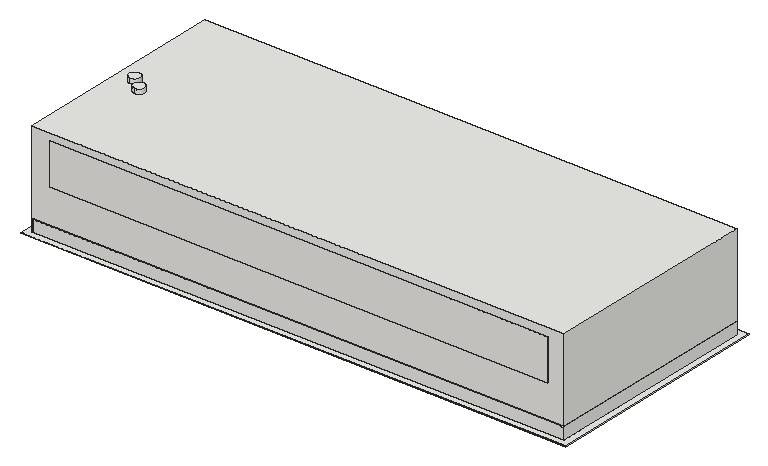
Revit family "191128_02_AIRTECNICS_AIR CURTAIN_RECESSED WINDBOX BB_WATER HEATED (P)", category Mechanical Equipment, Revit 2016
Family settings
  Part Type = Normal
  Round Connector Dimension = Use Diameter
  OmniClass Number = 23.75.70.21.17
  OmniClass Title = Air Curtains
  Work Plane-Based = No
  Always vertical = Yes
  Cut with Voids When Loaded = No
  Shared = No
  Room Calculation Point = No
Parameters (values of type "WINDBOX RBB 2000 P")
  · PIPES POSITION · [instance] = "-/ Select Pipes Position /-"  # constant formula
  · OTHERS · [instance] = "-/ Select Supports - Inst.Maint. Space /-"  # constant formula
  · HEATING · [instance] = "-/ Select Heating /-"  # constant formula
  Weight [instance] = size_lookup(Name_Lookup_Data, "Weight", 1.00 kg, CT, CH)  # 117.00 kg
  Water Pipes_P4 [instance] = no
  Water Pipes_P3 [instance] = no
  Water Pipes_P2 (Std) [instance] = if(CW = 0, 1 = 1, 1 = 0)  # yes
  Water Pipes_P1 [instance] = no
  Water Flow Connector [instance] = size_lookup(Name_Lookup_Data, "Water Flow_connector", 3.6 m³/h, CT, CH)  # 1.6 m³/h
  Water Drop Pressure [instance] = size_lookup(Name_Lookup_Data, "Water Drop Pressure", 1.0 Pa, CT, CH)  # 12680.0 Pa
  Water Coil Volume [instance] = size_lookup(Name_Lookup_Data, "Water Coil Volume", 1.0 L, CT, CH)  # 2.6 L
  Water Coil Rows [instance] = if(CH = 2, 4, if(CH = 4, 3, if(CH = 0, 2, 0)))  # 2
  Voltage [instance] = 230 V  # constant formula
  URL_Manufacturer = "https://www.airtecnics.com"
  URL_Datasheet = "https://www.airtecnics.com/download/file/5184/recessed-windbox-bb.pdf"
  Supports Length [instance] = 500.0 mm
  Supports (Horizontal) [instance] = no
  Revit Version = "Revit 2016 - English"  # constant formula
  Review Date = "11/19"  # constant formula
  Remote Control = "-"  # constant formula
  Product Size = if(CT = 2, "1000", if(CT = 4, "1500", if(CT = 8, "2000", if(CT = 16, "2500", if(CT = 32, "3000", "Consult Manufacturer")))))  # "2000"
  Product Reference [instance] = size_lookup(Name_Lookup_Ref, "", "Consult Manufacturer", CT, CH)  # "RBB 2000 P86"
  Product Heating [instance] = if(CH = 2, "P54 - 50/40ºC - 4 ROWS", if(CH = 4, "P64 - 60/40ºC - 3 ROWS", if(CH = 0, "P86 - 80/60ºC - 2 ROWS", "Consult Manufacturer")))  # "P86 - 80/60ºC - 2 ROWS"
  Product Description [instance] = size_lookup(Name_Lookup_Data, "", "Consult Manufacturer", CT, CH)  # "Self-supporting casing construction made of galvanized steel plate, ready to be installed recessed in a false ceiling. \r\nInlet grille (free of maintenance) made with aluminium profiles and blow-out nozzle, integrated in a single white frame colour RAL 9016. Other colours are available on request. \r\nAnodized aluminium outlet vanes, airfoil shaped, adjustable in both directions.\r\nEC Double-inlet centrifugal fans driven by an external rotor motor and low noise level, with very low consumption efficency fans.\r\n“P” type with water heated coil. \r\nIncludes Clever control (programmable, automatic, intelligent, energy saving, Modbus RTU for BMS…)\r\nAir Volume: 7500 m3/h \r\nFans:  1,746 kW  7,74 A 230Vx1 50/60Hz\r\nHeating power: 38,44 kW (80/60ºC)\r\nDimensions: 860x360x2050 mm (depth, height, length)"
  Power Fans Factor [instance] = size_lookup(Name_Lookup_Data, "Power Fans Factor", 1, CT, CH)  # 0.98
  Power Fans [instance] = size_lookup(Name_Lookup_Data, "Power Fans", 1 kW, CT, CH)  # 1.746 kW
  P86 - 80/60ºC - 2 ROWS [instance] = if(CH = 0, 1 = 1, 1 = 0)  # yes
  P64 - 60/40ºC - 3 ROWS [instance] = no
  P54 - 50/40ºC - 4 ROWS [instance] = no
  P = 1 = 1  # yes
  Noise Level (dB(A)) [instance] = size_lookup(Name_Lookup_Data, "Noise Level (dB(A))", 1, CT, CH)  # 67
  Name_Lookup_Ref = "R_WINDBOX BB_(P)_Ref_Lookup"  # constant formula
  Name_Lookup_Data = "R_WINDBOX BB_(P)_Data_Lookup"  # constant formula
  Material Inlet Grille [instance] = AIRTECNICS_White RAL 9016
  Material Curtain [instance] = AIRTECNICS_White RAL 9016
  Mainfolds [instance] = if(and(CH = 2, or(CW = 0, CW = 4), or(CT = 16, CT = 32)), "2x 1 1/4'' F", if(and(CH = 2, or(CW = 2, CW = 8), or(CT = 16, CT = 32)), "2x 1 1/4'' M", if(or(CW = 2, CW = 8), "2x 1'' M", "2x 1'' F")))  # "2x 1'' F"
  Length = if(CT = 2, 1050.0 mm, if(CT = 4, 1550.0 mm, if(CT = 8, 2050.0 mm, if(CT = 16, 2550.0 mm, L + 50.0 mm))))  # 2050.0 mm
  IfcExportType = "WATERHEATINGCOIL"  # constant formula
  IfcExportAs = "IfcCoilType"  # constant formula
  Height = 360.0 mm  # constant formula
  Heating Capacity [instance] = size_lookup(Name_Lookup_Data, "Heating Capacity", 1 kW, CT, CH)  # 35.04 kW
  Frequency = 50 Hz  # constant formula
  Fans Stage = 5  # constant formula
  Family Version = "2.0"  # constant formula
  Depth = 860.0 mm  # constant formula
  D_Pipping_Connector [instance] = if(and(CH = 2, or(CT = 16, CT = 32)), 32 mm, 25 mm)  # 25 mm
  Current Fans [instance] = size_lookup(Name_Lookup_Data, "Current Fans", 1 A, CT, CH)  # 7.74 A
  Created by = "BIMETRICAL"  # constant formula
  Control [instance] = "Clever Kit"  # constant formula
  Cable = "-"  # constant formula
  URL = "https://www.airtecnics.com/products/air-curtain-recessed-windbox-bb"
  Model = "Air curtain Recessed Windbox BB P"  # constant formula
  L = 2000.0 mm
  Type Image = <None>
  Manufacturer = "AIRTECNICS"  # constant formula
  Description = ""
  Type Comments = "Self-supporting casing construction made of galvanized steel plate, ready to be installed recessed in a false ceiling. \r\nInlet grille (free of maintenance) made with aluminium profiles and blow-out nozzle, integrated in a single white frame colour RAL 9016. Other colours are available on request. \r\nAnodized aluminium outlet vanes, airfoil shaped, adjustable in both directions.\r\nEC Double-inlet centrifugal fans driven by an external rotor motor and low noise level, with very low consumption efficency fans.\r\n“P” type with water heated coil. “E” type with electrical shielded elements, three stages with integrated regulation. “A” type without heating, air only. Optional expansion DX coil.\r\nIncludes Clever control (programmable, automatic, intelligent, energy saving, Modbus RTU for BMS…)"  # constant formula
  CW [instance] = if(Water Pipes_P1, 2, 0) + if(Water Pipes_P3, 4, 0) + if(Water Pipes_P4, 8, 0)  # 0
  CT = if(L = 1000.0 mm, 2, 0) + if(L = 1500.0 mm, 4, 0) + if(L = 2000.0 mm, 8, 0) + if(L = 2500.0 mm, 16, 0) + if(L = 3000.0 mm, 32, 0)  # 8
  CH [instance] = if([P54 - 50/40ºC - 4 ROWS], 2, 0) + if([P64 - 60/40ºC - 3 ROWS], 4, 0)  # 0
  BIMETRICAL Category = "Coil"  # constant formula
  BIMETRICAL = "http://www.bimetrical.com/"  # constant formula
  Aspiration/Maintenance Space [instance] = no
  Apparent Load [instance] = size_lookup(Name_Lookup_Data, "Apparent Load", 1 VA, CT, CH)  # 1782 VA
  Airflow [instance] = size_lookup(Name_Lookup_Data, "Airflow", 1 m³/h, CT, CH)  # 7500 m³/h
Reference planes
  plane 1 "Centro (Frontal/Posterior)": z = 0
  plane 2: y = 246.57
  plane 3 "Centro (Izquierda/Derecha)": x = 0
Dimensions and locks
  aligned and locked: nested 1 to plane 1 "Centro (Frontal/Posterior)"
Nested families
  nested 1: "GEOM_RECESSED WINDBOX BB (P)" at (0, 175, 48), Material Inlet Grille <- "Material Inlet Grille", L <- "L", Aspiration/Maintenance Space <- "Aspiration/Maintenance Space", Support Length <- "Supports Length", CW <- "CW", ViHS <- "Supports (Horizontal)", CH <- "CH", Material Curtain <- "Material Curtain", CT <- "CT", type "Air curtain Recessed Windbox BB (P)"
    with ViHSC no, ViHS no, Vi2 no, Vi1 yes, TI 9, Support Length 500.0 mm, Position Water pipes OUT connection "--------------------------------", Position Water pipes IN connection "--------------------------------", Material Inlet Grille AIRTECNICS_White RAL 9016, Material Curtain AIRTECNICS_White RAL 9016, LiS 810.0 mm, Li9 114.0 mm, Li8 0.0 mm, Li7 50.0 mm, Li6 810.0 mm, Li17 64.5 mm, Li16 10.0 mm, Li15 10.0 mm, Li14 310.0 mm, Li13 66.0 mm, Li12 0.0 mm, Li11 89.0 mm, Li10 310.0 mm, L 2000.0 mm, D_Pipping 42.0 mm, CW 0, CT 8, CH 0, Aspiration/Maintenance Space no, AnWCO 90.00°, AnWCI 90.00°
Connectors
  piping at (-934, 240.57, 373), diameter 25, driven by "D_Pipping_Connector", driven by "Water Flow Connector", driven by "Water Drop Pressure"
    settings: on nested 1, index 1, connector inside diameter 609.6 mm, connector length 0.0 mm, flow factor 0, pipe flow 1.6 m³/h, pressure drop 12680.0 Pa, fitting loss kfactor 0, connector angle 0.00°, fixture units 0, engagement length 0.0 mm, angle of deflection 0.00°, flow configuration 1, flow direction 1, fitting loss method 4, system type 7, joint type 0, gender type 0, connector reference index -1, connector utility 0, adjustable connector no, is connector primary yes, connector description "Hydronic Supply In"
  piping at (-886, 201.57, 373), diameter 25, driven by "D_Pipping_Connector", driven by "Water Flow Connector"
    settings: on nested 1, index 2, connector inside diameter 609.6 mm, connector length 0.0 mm, flow factor 0, pipe flow 1.6 m³/h, pressure drop 0.0 Pa, fitting loss kfactor 0, connector angle 0.00°, fixture units 0, engagement length 0.0 mm, angle of deflection 0.00°, flow configuration 1, flow direction 2, fitting loss method 0, system type 8, joint type 0, gender type 0, connector reference index -1, connector utility 0, adjustable connector no, is connector primary no, connector description "Hydronic Return Out"
  electrical at (859, 555.57, 358), driven by "Voltage", driven by "Apparent Load", driven by "Power Fans Factor"
    settings: on nested 1, index 3, voltage 230 V, apparent load 1782 VA, apparent load phase1 0 VA, apparent load phase2 0 VA, apparent load phase3 0 VA, power factor 0.98, load classification "HVAC", number of poles 1, system type 30, power factor state 1, is connector primary yes, connector utility no, sub classification motor no, connector description ""
Definition of nested family "GEOM_RECESSED WINDBOX BB (P)"
  Parameters (values of type "Air curtain Recessed Windbox BB (P)")
    ViHSC [instance] = if(and(ViHS, L > 1000.0 mm), 1 = 1, 1 = 0)  # no
    Vi2 [instance] = if(L = 2500.0 mm, 1 = 1, 1 = 0)  # yes
    Vi1 [instance] = not(Vi2)  # no
    TI [instance] = if(L = 1000.0 mm, 5, if(L = 1500.0 mm, 7, if(L = 2000.0 mm, 9, if(L = 2500.0 mm, 11, L / 200.0 mm))))  # 11
    Name_Lookup_WaterCoils = "R_WINDBOX BB_(P)_WaterCoil_Lookup"  # constant formula
    Material Outlet Grille = none
    Material II = none
    Material I = none
    Material Inlet Grille [instance] = none
    Material = none
    Li17 [instance] = if(or(CT = 2, CT = 16), 59.5 mm, if(or(CT = 4, CT = 32), 62.0 mm, 64.5 mm))  # 59.5 mm
    Li16 [instance] = if(CW = 2, 100.0 mm, 10.0 mm)  # 10.0 mm
    Li15 [instance] = if(CW = 8, 100.0 mm, 10.0 mm)  # 10.0 mm
    Li14 [instance] = size_lookup(Name_Lookup_WaterCoils, "Li14", 310.0 mm, CW)  # 310.0 mm
    Li13 [instance] = if(CW = 4, L - 114.0 mm, if(CW = 2, 1.0 mm, if(CW = 8, L - 1.0 mm, 66.0 mm)))  # 66.0 mm
    Li12 [instance] = size_lookup(Name_Lookup_WaterCoils, "Li12", 0.0 mm, CW)  # 0.0 mm
    Li11 [instance] = size_lookup(Name_Lookup_WaterCoils, "Li11", 89.0 mm, CW)  # 89.0 mm
    D_Pipping [instance] = if(and(CH = 4, or(CT = 16, CT = 32)), 48.0 mm, 42.0 mm)  # 42.0 mm
    CW [instance] = 0
    CT [instance] = 16
    CH [instance] = 0
    AnWCO [instance] = size_lookup(Name_Lookup_WaterCoils, "AnWCO", 90.00°, CW)  # 90.00°
    Position Water pipes IN connection [instance] = "--------------------------------"  # constant formula
    Position Water pipes OUT connection [instance] = "--------------------------------"  # constant formula
    ViHS [instance] = no
    Support Length [instance] = 500.0 mm
    AnWCI [instance] = size_lookup(Name_Lookup_WaterCoils, "AnWCI", 90.00°, CW)  # 90.00°
    LiS [instance] = Support Length + 310.0 mm  # 810.0 mm
    Revit Version = "Revit 2016 - English"  # constant formula
    Review Date = "11/19"  # constant formula
    Material Curtain [instance] = none
    Li9 [instance] = if(CW = 4, L - 66.0 mm, if(CW = 2, 1.0 mm, if(CW = 8, L - 1.0 mm, 114.0 mm)))  # 114.0 mm
    Li7 [instance] = size_lookup(Name_Lookup_WaterCoils, "Li7", 50.0 mm, CW)  # 50.0 mm
    Li6 [instance] = Depth  # 810.0 mm
    Li8 [instance] = size_lookup(Name_Lookup_WaterCoils, "Li8", 0.0 mm, CW)  # 0.0 mm
    Li10 [instance] = size_lookup(Name_Lookup_WaterCoils, "Li10", 310.0 mm, CW)  # 310.0 mm
    Family Version = "1.0"  # constant formula
    Depth = 810.0 mm  # constant formula
    Default Elevation = 1219.2 mm
    Created by = "BIMETRICAL"  # constant formula
    URL = "https://www.airtecnics.com/products/air-curtain-recessed-windbox-bb"
    Model = "Air curtain Recessed Windbox BB"  # constant formula
    L [instance] = 2500.0 mm
    Type Image = (empty or 0)
    Manufacturer = "AIRTECNICS"  # constant formula
    Description = "AIRTECNICS_Air curtain Recessed Windbox BB"  # constant formula
    Type Comments = ""
    BIMETRICAL Category = "Fan"  # constant formula
    BIMETRICAL = "http://www.bimetrical.com/"  # constant formula
    Aspiration/Maintenance Space [instance] = no
  Reference planes
    plane 1 "Centro (Frontal/Posterior)": z = 0
    plane 2: y = 226.57
    plane 3 "Centro (Izquierda/Derecha)": x = 0
    plane 4: z = 310
    plane 5: y = 476.57
    plane 6: y = -23.43
    plane 7: x = -1250
    plane 8: x = 1250
    plane 9: x = -1210
    plane 10: x = 1210
    plane 11: y = 442.57
    plane 12: y = 105.57
    plane 13: y = -313.43
    plane 14: x = -1136
    plane 15 "P1-01": y = 26.57
    plane 16 "P1-02": z = 0
    plane 17 "P2-01": x = -1184
    plane 18 "P2-02": z = 0
    plane 19 "P2-03": y = 65.57
    plane 20: y = -333.43
    plane 21: y = 501.57
    plane 22: x = 1275
    plane 23: y = -358.43
    plane 24: z = -48
    plane 25: z = -50
    plane 26: x = 1248
    plane 27: x = -1248
    plane 28: x = -418.5
    plane 29: x = 418.5
    plane 30: x = -1203.5
    plane 31: x = 1203.5
    plane 32: x = -962.8
    plane 33: x = -722.1
    plane 34: x = -481.4
    plane 35: z = -250
    plane 36: y = -331.454
    plane 37: y = -49.53
    plane 38: x = 1335
    plane 39: x = -1425
    plane 40: x = -240.7
    plane 41: x = 0
    plane 42: x = 240.7
    plane 43: x = 481.4
    plane 44: x = 722.1
    plane 45: x = 962.8
    plane 46: x = -1190.5
    plane 47: x = 1190.5
  Forms (mm)
    Extrusion 1, solid, material <- "Material Inlet Grille"
      sketch origin (0, 0, -50) x (1, 0, 0) y (0, 1, 0)
        loop
          line (-1250, 476.57) -> (-1250, -333.43) -> (1250, -333.43) -> (1250, 476.57) -> (-1250, 476.57)
      from 0 to 50
    Extrusion 2, void, detail levels medium+fine
      sketch origin (0, 0, -50) x (1, 0, 0) y (0, 1, 0)
        loop
          line (-1249, 474.57) -> (-1249, 387.47) -> (1249, 387.47) -> (1249, 474.57) -> (-1249, 474.57)
      from 0 to 46
    Extrusion 3, solid, material <- "Material Curtain", not visible
      sketch origin (559.734, 0, 50) x (1, 0, 0) y (0, 1, 0)
        loop
          line (613.266, 405.57) -> (485.266, 405.57) -> (485.266, 355.57) -> (613.266, 355.57) -> (613.266, 405.57)
      from 260 to 259
    Extrusion 4, solid, visible <- "ViHS"
      sketch origin (0, 0, 0) x (1, 0, 0) y (0, 1, 0)
        loop
          circle (-1210, 442.57) r 3.375
      from 310 to 810 <- "LiS"
    Extrusion 5, solid, visible <- "ViHSC"
      sketch origin (1185, 0, 0) x (1, 0, 0) y (0, 1, 0)
        loop
          circle (-1185, 442.57) r 3.375
      from 310 to 810 <- "LiS"
    Extrusion 6, solid, visible <- "ViHS"
      sketch origin (2385, 0, 0) x (1, 0, 0) y (0, 1, 0)
        loop
          circle (-1175, 442.57) r 3.375
      from 310 to 810 <- "LiS"
    Extrusion 7, solid, visible <- "ViHSC"
      sketch origin (1185, -240, 0) x (1, 0, 0) y (0, 1, 0)
        loop
          circle (-1185, 345.57) r 3.375
      from 310 to 810 <- "LiS"
    Extrusion 8, solid, visible <- "ViHS"
      sketch origin (2344.293, -280.483, 0) x (1, 0, 0) y (0, 1, 0)
        loop
          circle (-1134.293, 386.053) r 3.375
      from 310 to 810 <- "LiS"
    Extrusion 9, solid, visible <- "ViHS"
      sketch origin (9.293, -280.483, 0) x (1, 0, 0) y (0, 1, 0)
        loop
          circle (-1219.293, 386.053) r 3.375
      from 310 to 810 <- "LiS"
    Extrusion 10, solid, visible <- "Aspiration/Maintenance Space"
      sketch origin (0, 0, -50) x (1, 0, 0) y (0, 1, 0)
        loop
          line (-1250, 476.57) -> (-1250, -333.43) -> (1250, -333.43) -> (1250, 476.57) -> (-1250, 476.57)
      from 360 to 460
    Extrusion 11, solid, visible <- "Aspiration/Maintenance Space"
      sketch origin (230, 226.57, 5) x (1, 0, 0) y (0, 0, 1)
        loop
          line (1020, 305) -> (1020, -53) -> (1030, -53) -> (1030, 305) -> (1020, 305)
      from -250 to 560
    Extrusion 12, solid, visible <- "Aspiration/Maintenance Space"
      sketch origin (-2520, 226.57, 5) x (1, 0, 0) y (0, 0, 1)
        loop
          line (1260, 305) -> (1260, -53) -> (1270, -53) -> (1270, 305) -> (1260, 305)
      from -250 to 560
    Extrusion 13, solid, visible <- "ViHSC"
      sketch origin (1185, -609, 0) x (1, 0, 0) y (0, 1, 0)
        loop
          circle (-1185, 295.57) r 3.375
      from 310 to 810 <- "LiS"
    Extrusion 14, solid, visible <- "ViHS"
      sketch origin (2344.293, -649.483, 0) x (1, 0, 0) y (0, 1, 0)
        loop
          circle (-1134.293, 336.053) r 3.375
      from 310 to 810 <- "LiS"
    Extrusion 15, solid, visible <- "ViHS"
      sketch origin (9.293, -649.483, 0) x (1, 0, 0) y (0, 1, 0)
        loop
          circle (-1219.293, 336.053) r 3.375
      from 310 to 810 <- "LiS"
    Extrusion 16, solid, material <- "Material Curtain"
      sketch origin (-1184, 101.57, 310) x (0, -1, 0) y (1, 0, 0)
        loop
          circle (36, 0) r 21
      from 0 to 15
    Extrusion 17, solid, material <- "Material Curtain"
      sketch origin (-1136, 68.57, 310) x (0, -1, 0) y (1, 0, 0)
        loop
          circle (42, 0) r 21
      from 0 to 15
    Extrusion 18, solid, material <- "Material Inlet Grille"
      sketch origin (-54.078, -166.435, -50) x (1, 0, 0) y (0, 1, 0)
        loop
          line (-1220.922, -191.996) -> (1329.078, -191.996) -> (1329.078, 668.004) -> (-1220.922, 668.004) -> (-1220.922, -191.996)
        loop
          line (-1195.922, -166.996) -> (1304.078, -166.996) -> (1304.078, 643.004) -> (-1195.922, 643.004) -> (-1195.922, -166.996)
      from 0 to 2
    Sweep 19, void
      path origin (0, 0, -50) x (1, 0, 0) y (0, 1, 0)
        loop
          line (-1250, 476.57) -> (-1250, -333.43) -> (1250, -333.43) -> (1250, 476.57) -> (-1250, 476.57)
      profile origin (0, 476.57, -50) x (0, 1, 0) y (0, 0, 1)
        loop
          line (0, 46) -> (0, 50) -> (-4, 50)
          arc (-4, 50) -> (-1.172, 48.828) -> (0, 46) r 4
    Extrusion 20, solid, material <- "Material Outlet Grille"
      sketch origin (0, 0, 0) x (0, 1, 0) y (0, 0, 1)
        loop
          line (452.413, -27.506) -> (455.591, -46.036)
          arc (455.591, -46.036) -> (457.07, -47.282) -> (458.548, -46.036) r 1.5
          line (458.548, -46.036) -> (461.726, -27.506)
          arc (461.726, -27.506) -> (457.07, -21.982) -> (452.413, -27.506) r 4.725
        loop
          arc (429.342, -46.036) -> (430.82, -47.282) -> (432.299, -46.036) r 1.5
          line (432.299, -46.036) -> (435.477, -27.506)
          arc (435.477, -27.506) -> (430.82, -21.982) -> (426.163, -27.506) r 4.725
          line (426.163, -27.506) -> (429.342, -46.036)
        loop
          arc (409.976, -27.506) -> (405.319, -21.982) -> (400.662, -27.506) r 4.725
          line (400.662, -27.506) -> (403.84, -46.036)
          arc (403.84, -46.036) -> (405.319, -47.282) -> (406.797, -46.036) r 1.5
          line (406.797, -46.036) -> (409.976, -27.506)
      from -1248 to 1248
    Extrusion 21, void, detail levels medium+fine
      sketch origin (0, -484.3, -50) x (1, 0, 0) y (0, 1, 0)
        loop
          line (-1249, 434.77) -> (-1249, 152.846) -> (1249, 152.846) -> (1249, 434.77) -> (-1249, 434.77)
      from 0 to 46
    Extrusion 22, solid, material <- "Material Curtain"
      sketch origin (0, 0, -50) x (1, 0, 0) y (0, 1, 0)
        loop
          line (-1250, 476.57) -> (-1250, -333.43) -> (1250, -333.43) -> (1250, 476.57) -> (-1250, 476.57)
      from 50 to 360
    Extrusion 23, solid, material <- "Material II", visible <- "Vi1"
      sketch origin (0, 0, 0) x (0, 1, 0) y (0, 0, 1)
        loop
          line (474.57, -4) -> (400.57, -4) -> (400.57, -47.504) -> (474.57, -47.504) -> (474.57, -4)
      from -7.5 to 7.5
    Extrusion 24, solid, material <- "Material I"
      sketch origin (1191.816, 0, 0) x (0, 1, 0) y (0, 0, 1)
        loop
          arc (402.126, -44.927) -> (403.13, -46.77) -> (405.096, -47.504) r 3
          line (405.096, -47.504) -> (431.043, -47.504)
          arc (431.043, -47.504) -> (433.022, -46.759) -> (434.017, -44.893) r 3
          line (434.017, -44.893) -> (437.046, -21.725)
          arc (437.046, -21.725) -> (436.086, -18.568) -> (433.08, -17.207) r 4
          line (433.08, -17.207) -> (403.059, -17.207)
          arc (403.059, -17.207) -> (400.04, -18.583) -> (399.098, -21.764) r 4
          line (399.098, -21.764) -> (402.126, -44.927)
      from 53.181 to 56.184
    Extrusion 25, solid, material <- "Material I", visible <- "Vi1"
      sketch origin (-45.681, 0, 0) x (0, 1, 0) y (0, 0, 1)
        loop
          arc (402.126, -44.927) -> (403.13, -46.77) -> (405.096, -47.504) r 3
          line (405.096, -47.504) -> (431.043, -47.504)
          arc (431.043, -47.504) -> (433.022, -46.759) -> (434.017, -44.893) r 3
          line (434.017, -44.893) -> (437.046, -21.725)
          arc (437.046, -21.725) -> (436.086, -18.568) -> (433.08, -17.207) r 4
          line (433.08, -17.207) -> (403.059, -17.207)
          arc (403.059, -17.207) -> (400.04, -18.583) -> (399.098, -21.764) r 4
          line (399.098, -21.764) -> (402.126, -44.927)
      from 53.181 to 56.184
    Extrusion 26, solid, material <- "Material I", visible <- "Vi1"
      sketch origin (-63.684, 0, 0) x (0, 1, 0) y (0, 0, 1)
        loop
          arc (402.126, -44.927) -> (403.13, -46.77) -> (405.096, -47.504) r 3
          line (405.096, -47.504) -> (431.043, -47.504)
          arc (431.043, -47.504) -> (433.022, -46.759) -> (434.017, -44.893) r 3
          line (434.017, -44.893) -> (437.046, -21.725)
          arc (437.046, -21.725) -> (436.086, -18.568) -> (433.08, -17.207) r 4
          line (433.08, -17.207) -> (403.059, -17.207)
          arc (403.059, -17.207) -> (400.04, -18.583) -> (399.098, -21.764) r 4
          line (399.098, -21.764) -> (402.126, -44.927)
      from 53.181 to 56.184
    Extrusion 27, solid, material <- "Material II", visible <- "Vi2", not visible
      sketch origin (0, 0, 0) x (0, 1, 0) y (0, 0, 1)
        loop
          line (474.57, -4) -> (400.57, -4) -> (400.57, -47.504) -> (474.57, -47.504) -> (474.57, -4)
      from -7.5 to 7.5
    Extrusion 28, solid, material <- "Material I", visible <- "Vi2", not visible
      sketch origin (-45.681, 0, 0) x (0, 1, 0) y (0, 0, 1)
        loop
          arc (402.126, -44.927) -> (403.13, -46.77) -> (405.096, -47.504) r 3
          line (405.096, -47.504) -> (431.043, -47.504)
          arc (431.043, -47.504) -> (433.022, -46.759) -> (434.017, -44.893) r 3
          line (434.017, -44.893) -> (437.046, -21.725)
          arc (437.046, -21.725) -> (436.086, -18.568) -> (433.08, -17.207) r 4
          line (433.08, -17.207) -> (403.059, -17.207)
          arc (403.059, -17.207) -> (400.04, -18.583) -> (399.098, -21.764) r 4
          line (399.098, -21.764) -> (402.126, -44.927)
      from 53.181 to 56.184
    Extrusion 29, solid, material <- "Material I", visible <- "Vi2", not visible
      sketch origin (-63.684, 0, 0) x (0, 1, 0) y (0, 0, 1)
        loop
          arc (402.126, -44.927) -> (403.13, -46.77) -> (405.096, -47.504) r 3
          line (405.096, -47.504) -> (431.043, -47.504)
          arc (431.043, -47.504) -> (433.022, -46.759) -> (434.017, -44.893) r 3
          line (434.017, -44.893) -> (437.046, -21.725)
          arc (437.046, -21.725) -> (436.086, -18.568) -> (433.08, -17.207) r 4
          line (433.08, -17.207) -> (403.059, -17.207)
          arc (403.059, -17.207) -> (400.04, -18.583) -> (399.098, -21.764) r 4
          line (399.098, -21.764) -> (402.126, -44.927)
      from 53.181 to 56.184
    Extrusion 30, solid, material <- "Material II", visible <- "Vi2"
      sketch origin (418.5, 0, 0) x (0, 1, 0) y (0, 0, 1)
        loop
          line (474.57, -4) -> (400.57, -4) -> (400.57, -47.504) -> (474.57, -47.504) -> (474.57, -4)
      from -7.5 to 7.5
    Extrusion 31, solid, material <- "Material I", visible <- "Vi2"
      sketch origin (372.819, 0, 0) x (0, 1, 0) y (0, 0, 1)
        loop
          arc (402.126, -44.927) -> (403.13, -46.77) -> (405.096, -47.504) r 3
          line (405.096, -47.504) -> (431.043, -47.504)
          arc (431.043, -47.504) -> (433.022, -46.759) -> (434.017, -44.893) r 3
          line (434.017, -44.893) -> (437.046, -21.725)
          arc (437.046, -21.725) -> (436.086, -18.568) -> (433.08, -17.207) r 4
          line (433.08, -17.207) -> (403.059, -17.207)
          arc (403.059, -17.207) -> (400.04, -18.583) -> (399.098, -21.764) r 4
          line (399.098, -21.764) -> (402.126, -44.927)
      from 53.181 to 56.184
    Extrusion 32, solid, material <- "Material I", visible <- "Vi2"
      sketch origin (354.816, 0, 0) x (0, 1, 0) y (0, 0, 1)
        loop
          arc (402.126, -44.927) -> (403.13, -46.77) -> (405.096, -47.504) r 3
          line (405.096, -47.504) -> (431.043, -47.504)
          arc (431.043, -47.504) -> (433.022, -46.759) -> (434.017, -44.893) r 3
          line (434.017, -44.893) -> (437.046, -21.725)
          arc (437.046, -21.725) -> (436.086, -18.568) -> (433.08, -17.207) r 4
          line (433.08, -17.207) -> (403.059, -17.207)
          arc (403.059, -17.207) -> (400.04, -18.583) -> (399.098, -21.764) r 4
          line (399.098, -21.764) -> (402.126, -44.927)
      from 53.181 to 56.184
    Extrusion 33, solid, visible <- "Vi1", not visible
      sketch origin (1185, 0, 0) x (1, 0, 0) y (0, 1, 0)
        loop
          circle (-1185, 442.57) r 3.375
      from 260 to 810 <- "LiS"
    Extrusion 34, solid, material <- "Material II", visible <- "Vi1", not visible
      sketch origin (0, 0, 0) x (0, 1, 0) y (0, 0, 1)
        loop
          line (474.57, -4) -> (400.57, -4) -> (400.57, -47.504) -> (474.57, -47.504) -> (474.57, -4)
      from -7.5 to 7.5
    Extrusion 35, solid, material <- "Material I", visible <- "Vi1", not visible
      sketch origin (-45.681, 0, 0) x (0, 1, 0) y (0, 0, 1)
        loop
          arc (402.126, -44.927) -> (403.13, -46.77) -> (405.096, -47.504) r 3
          line (405.096, -47.504) -> (431.043, -47.504)
          arc (431.043, -47.504) -> (433.022, -46.759) -> (434.017, -44.893) r 3
          line (434.017, -44.893) -> (437.046, -21.725)
          arc (437.046, -21.725) -> (436.086, -18.568) -> (433.08, -17.207) r 4
          line (433.08, -17.207) -> (403.059, -17.207)
          arc (403.059, -17.207) -> (400.04, -18.583) -> (399.098, -21.764) r 4
          line (399.098, -21.764) -> (402.126, -44.927)
      from 53.181 to 56.184
    Extrusion 36, solid, material <- "Material I", visible <- "Vi1", not visible
      sketch origin (-63.684, 0, 0) x (0, 1, 0) y (0, 0, 1)
        loop
          arc (402.126, -44.927) -> (403.13, -46.77) -> (405.096, -47.504) r 3
          line (405.096, -47.504) -> (431.043, -47.504)
          arc (431.043, -47.504) -> (433.022, -46.759) -> (434.017, -44.893) r 3
          line (434.017, -44.893) -> (437.046, -21.725)
          arc (437.046, -21.725) -> (436.086, -18.568) -> (433.08, -17.207) r 4
          line (433.08, -17.207) -> (403.059, -17.207)
          arc (403.059, -17.207) -> (400.04, -18.583) -> (399.098, -21.764) r 4
          line (399.098, -21.764) -> (402.126, -44.927)
      from 53.181 to 56.184
    Extrusion 37, solid, material <- "Material II", visible <- "Vi2"
      sketch origin (-418.5, 0, 0) x (0, 1, 0) y (0, 0, 1)
        loop
          line (474.57, -4) -> (400.57, -4) -> (400.57, -47.504) -> (474.57, -47.504) -> (474.57, -4)
      from -7.5 to 7.5
    Extrusion 38, solid, material <- "Material I", visible <- "Vi2"
      sketch origin (-464.181, 0, 0) x (0, 1, 0) y (0, 0, 1)
        loop
          arc (402.126, -44.927) -> (403.13, -46.77) -> (405.096, -47.504) r 3
          line (405.096, -47.504) -> (431.043, -47.504)
          arc (431.043, -47.504) -> (433.022, -46.759) -> (434.017, -44.893) r 3
          line (434.017, -44.893) -> (437.046, -21.725)
          arc (437.046, -21.725) -> (436.086, -18.568) -> (433.08, -17.207) r 4
          line (433.08, -17.207) -> (403.059, -17.207)
          arc (403.059, -17.207) -> (400.04, -18.583) -> (399.098, -21.764) r 4
          line (399.098, -21.764) -> (402.126, -44.927)
      from 53.181 to 56.184
    Extrusion 39, solid, material <- "Material I", visible <- "Vi2"
      sketch origin (-482.184, 0, 0) x (0, 1, 0) y (0, 0, 1)
        loop
          arc (402.126, -44.927) -> (403.13, -46.77) -> (405.096, -47.504) r 3
          line (405.096, -47.504) -> (431.043, -47.504)
          arc (431.043, -47.504) -> (433.022, -46.759) -> (434.017, -44.893) r 3
          line (434.017, -44.893) -> (437.046, -21.725)
          arc (437.046, -21.725) -> (436.086, -18.568) -> (433.08, -17.207) r 4
          line (433.08, -17.207) -> (403.059, -17.207)
          arc (403.059, -17.207) -> (400.04, -18.583) -> (399.098, -21.764) r 4
          line (399.098, -21.764) -> (402.126, -44.927)
      from 53.181 to 56.184
    Extrusion 40, solid, material <- "Material Outlet Grille"
      sketch origin (0, -232.43, -85.237) x (1, 0, 0) y (0, 0, 1)
        loop
          circle (-1203.5, 56.137) r 4
      from -220 to 95
    Extrusion 41, solid, material <- "Material Outlet Grille"
      sketch origin (2407, -232.43, -85.237) x (1, 0, 0) y (0, 0, 1)
        loop
          circle (-1203.5, 56.137) r 4
      from -220 to 95
    Extrusion 42, solid, material <- "Material Outlet Grille"
      sketch origin (240.7, -232.43, -85.237) x (1, 0, 0) y (0, 0, 1)
        loop
          circle (-1203.5, 56.137) r 4
      from -220 to 95
    Extrusion 43, solid, material <- "Material Outlet Grille"
      sketch origin (481.4, -232.43, -85.237) x (1, 0, 0) y (0, 0, 1)
        loop
          circle (-1203.5, 56.137) r 4
      from -220 to 95
    Extrusion 44, solid, material <- "Material Outlet Grille"
      sketch origin (722.1, -232.43, -85.237) x (1, 0, 0) y (0, 0, 1)
        loop
          circle (-1203.5, 56.137) r 4
      from -220 to 95
    Extrusion 45, solid, material <- "Material I"
      sketch origin (-1301.181, 0, 0) x (0, 1, 0) y (0, 0, 1)
        loop
          arc (402.126, -44.927) -> (403.13, -46.77) -> (405.096, -47.504) r 3
          line (405.096, -47.504) -> (431.043, -47.504)
          arc (431.043, -47.504) -> (433.022, -46.759) -> (434.017, -44.893) r 3
          line (434.017, -44.893) -> (437.046, -21.725)
          arc (437.046, -21.725) -> (436.086, -18.568) -> (433.08, -17.207) r 4
          line (433.08, -17.207) -> (403.059, -17.207)
          arc (403.059, -17.207) -> (400.04, -18.583) -> (399.098, -21.764) r 4
          line (399.098, -21.764) -> (402.126, -44.927)
      from 53.181 to 56.184
    Extrusion 46, solid, material <- "Material Inlet Grille"
      sketch origin (0, -150, 0) x (0, 1, 0) y (0, 0, 1)
        loop
          line (96.77, -33.656) -> (82.009, -45.189)
          arc (82.009, -45.189) -> (78.063, -47.263) -> (73.64, -47.821) r 12.5
          line (73.64, -47.821) -> (73.57, -49.119)
          arc (73.57, -49.119) -> (78.453, -48.503) -> (82.809, -46.213) r 13.8
          line (82.809, -46.213) -> (97.57, -34.681)
          arc (97.57, -34.681) -> (98.306, -33.772) -> (98.57, -32.632) r 2.6
          line (98.57, -32.632) -> (98.57, -23.9) -> (97.27, -23.9) -> (97.27, -32.632)
          arc (97.27, -32.632) -> (97.138, -33.202) -> (96.77, -33.656) r 1.3
        loop
          line (71.77, -33.656) -> (57.009, -45.189)
          arc (57.009, -45.189) -> (53.063, -47.263) -> (48.64, -47.821) r 12.5
          line (48.64, -47.821) -> (48.57, -49.119)
          arc (48.57, -49.119) -> (53.453, -48.503) -> (57.809, -46.213) r 13.8
          line (57.809, -46.213) -> (72.57, -34.681)
          arc (72.57, -34.681) -> (73.306, -33.772) -> (73.57, -32.632) r 2.6
          line (73.57, -32.632) -> (73.57, -23.9) -> (72.27, -23.9) -> (72.27, -32.632)
          arc (72.27, -32.632) -> (72.138, -33.202) -> (71.77, -33.656) r 1.3
        loop
          line (48.97, -33.656) -> (34.209, -45.189)
          arc (34.209, -45.189) -> (30.263, -47.263) -> (25.84, -47.821) r 12.5
          line (25.84, -47.821) -> (25.77, -49.119)
          arc (25.77, -49.119) -> (30.653, -48.503) -> (35.009, -46.213) r 13.8
          line (35.009, -46.213) -> (49.77, -34.681)
          arc (49.77, -34.681) -> (50.506, -33.772) -> (50.77, -32.632) r 2.6
          line (50.77, -32.632) -> (50.77, -23.9) -> (49.47, -23.9) -> (49.47, -32.632)
          arc (49.47, -32.632) -> (49.338, -33.202) -> (48.97, -33.656) r 1.3
        loop
          line (26.17, -33.656) -> (11.409, -45.189)
          arc (11.409, -45.189) -> (7.463, -47.263) -> (3.04, -47.821) r 12.5
          line (3.04, -47.821) -> (2.97, -49.119)
          arc (2.97, -49.119) -> (7.853, -48.503) -> (12.209, -46.213) r 13.8
          line (12.209, -46.213) -> (26.97, -34.681)
          arc (26.97, -34.681) -> (27.706, -33.772) -> (27.97, -32.632) r 2.6
          line (27.97, -32.632) -> (27.97, -23.9) -> (26.67, -23.9) -> (26.67, -32.632)
          arc (26.67, -32.632) -> (26.538, -33.202) -> (26.17, -33.656) r 1.3
        loop
          line (3.37, -33.656) -> (-11.391, -45.189)
          arc (-11.391, -45.189) -> (-15.337, -47.263) -> (-19.76, -47.821) r 12.5
          line (-19.76, -47.821) -> (-19.83, -49.119)
          arc (-19.83, -49.119) -> (-14.947, -48.503) -> (-10.591, -46.213) r 13.8
          line (-10.591, -46.213) -> (4.17, -34.681)
          arc (4.17, -34.681) -> (4.906, -33.772) -> (5.17, -32.632) r 2.6
          line (5.17, -32.632) -> (5.17, -23.9) -> (3.87, -23.9) -> (3.87, -32.632)
          arc (3.87, -32.632) -> (3.738, -33.202) -> (3.37, -33.656) r 1.3
        loop
          line (-19.43, -33.656) -> (-34.191, -45.189)
          arc (-34.191, -45.189) -> (-38.137, -47.263) -> (-42.56, -47.821) r 12.5
          line (-42.56, -47.821) -> (-42.63, -49.119)
          arc (-42.63, -49.119) -> (-37.747, -48.503) -> (-33.391, -46.213) r 13.8
          line (-33.391, -46.213) -> (-18.63, -34.681)
          arc (-18.63, -34.681) -> (-17.894, -33.772) -> (-17.63, -32.632) r 2.6
          line (-17.63, -32.632) -> (-17.63, -23.9) -> (-18.93, -23.9) -> (-18.93, -32.632)
          arc (-18.93, -32.632) -> (-19.062, -33.202) -> (-19.43, -33.656) r 1.3
        loop
          line (-42.23, -33.656) -> (-56.991, -45.189)
          arc (-56.991, -45.189) -> (-60.937, -47.263) -> (-65.36, -47.821) r 12.5
          line (-65.36, -47.821) -> (-65.43, -49.119)
          arc (-65.43, -49.119) -> (-60.547, -48.503) -> (-56.191, -46.213) r 13.8
          line (-56.191, -46.213) -> (-41.43, -34.681)
          arc (-41.43, -34.681) -> (-40.694, -33.772) -> (-40.43, -32.632) r 2.6
          line (-40.43, -32.632) -> (-40.43, -23.9) -> (-41.73, -23.9) -> (-41.73, -32.632)
          arc (-41.73, -32.632) -> (-41.862, -33.202) -> (-42.23, -33.656) r 1.3
        loop
          line (-65.03, -33.656) -> (-79.791, -45.189)
          arc (-79.791, -45.189) -> (-83.737, -47.263) -> (-88.16, -47.821) r 12.5
          line (-88.16, -47.821) -> (-88.23, -49.119)
          arc (-88.23, -49.119) -> (-83.347, -48.503) -> (-78.991, -46.213) r 13.8
          line (-78.991, -46.213) -> (-64.23, -34.681)
          arc (-64.23, -34.681) -> (-63.494, -33.772) -> (-63.23, -32.632) r 2.6
          line (-63.23, -32.632) -> (-63.23, -23.9) -> (-64.53, -23.9) -> (-64.53, -32.632)
          arc (-64.53, -32.632) -> (-64.662, -33.202) -> (-65.03, -33.656) r 1.3
        loop
          line (-87.83, -33.656) -> (-102.591, -45.189)
          arc (-102.591, -45.189) -> (-106.537, -47.263) -> (-110.96, -47.821) r 12.5
          line (-110.96, -47.821) -> (-111.03, -49.119)
          arc (-111.03, -49.119) -> (-106.147, -48.503) -> (-101.791, -46.213) r 13.8
          line (-101.791, -46.213) -> (-87.03, -34.681)
          arc (-87.03, -34.681) -> (-86.294, -33.772) -> (-86.03, -32.632) r 2.6
          line (-86.03, -32.632) -> (-86.03, -23.9) -> (-87.33, -23.9) -> (-87.33, -32.632)
          arc (-87.33, -32.632) -> (-87.462, -33.202) -> (-87.83, -33.656) r 1.3
        loop
          line (-110.63, -33.656) -> (-125.391, -45.189)
          arc (-125.391, -45.189) -> (-129.337, -47.263) -> (-133.76, -47.821) r 12.5
          line (-133.76, -47.821) -> (-133.83, -49.119)
          arc (-133.83, -49.119) -> (-128.947, -48.503) -> (-124.591, -46.213) r 13.8
          line (-124.591, -46.213) -> (-109.83, -34.681)
          arc (-109.83, -34.681) -> (-109.094, -33.772) -> (-108.83, -32.632) r 2.6
          line (-108.83, -32.632) -> (-108.83, -23.9) -> (-110.13, -23.9) -> (-110.13, -32.632)
          arc (-110.13, -32.632) -> (-110.262, -33.202) -> (-110.63, -33.656) r 1.3
        loop
          line (-133.43, -33.656) -> (-148.191, -45.189)
          arc (-148.191, -45.189) -> (-152.137, -47.263) -> (-156.56, -47.821) r 12.5
          line (-156.56, -47.821) -> (-156.63, -49.119)
          arc (-156.63, -49.119) -> (-151.747, -48.503) -> (-147.391, -46.213) r 13.8
          line (-147.391, -46.213) -> (-132.63, -34.681)
          arc (-132.63, -34.681) -> (-131.894, -33.772) -> (-131.63, -32.632) r 2.6
          line (-131.63, -32.632) -> (-131.63, -23.9) -> (-132.93, -23.9) -> (-132.93, -32.632)
          arc (-132.93, -32.632) -> (-133.062, -33.202) -> (-133.43, -33.656) r 1.3
        loop
          line (-156.23, -33.656) -> (-170.991, -45.189)
          arc (-170.991, -45.189) -> (-174.937, -47.263) -> (-179.36, -47.821) r 12.5
          line (-179.36, -47.821) -> (-179.43, -49.119)
          arc (-179.43, -49.119) -> (-174.547, -48.503) -> (-170.191, -46.213) r 13.8
          line (-170.191, -46.213) -> (-155.43, -34.681)
          arc (-155.43, -34.681) -> (-154.694, -33.772) -> (-154.43, -32.632) r 2.6
          line (-154.43, -32.632) -> (-154.43, -23.9) -> (-155.73, -23.9) -> (-155.73, -32.632)
          arc (-155.73, -32.632) -> (-155.862, -33.202) -> (-156.23, -33.656) r 1.3
      from -1248 to 1248
    Extrusion 47, solid, visible <- "Aspiration/Maintenance Space"
      sketch origin (0, 0, -590) x (1, 0, 0) y (0, 1, 0)
        loop
          line (-1248, -49.53) -> (-1248, -331.454) -> (1248, -331.454) -> (1248, -49.53) -> (-1248, -49.53)
      from 340 to 540
    Extrusion 48, solid, material <- "Material Outlet Grille"
      sketch origin (962.8, -232.43, -85.237) x (1, 0, 0) y (0, 0, 1)
        loop
          circle (-1203.5, 56.137) r 4
      from -220 to 95
    Extrusion 49, solid, material <- "Material Outlet Grille"
      sketch origin (1203.5, -232.43, -85.237) x (1, 0, 0) y (0, 0, 1)
        loop
          circle (-1203.5, 56.137) r 4
      from -220 to 95
    Extrusion 50, solid, material <- "Material Outlet Grille"
      sketch origin (1444.2, -232.43, -85.237) x (1, 0, 0) y (0, 0, 1)
        loop
          circle (-1203.5, 56.137) r 4
      from -220 to 95
    Extrusion 51, solid, material <- "Material Outlet Grille"
      sketch origin (1684.9, -232.43, -85.237) x (1, 0, 0) y (0, 0, 1)
        loop
          circle (-1203.5, 56.137) r 4
      from -220 to 95
    Extrusion 52, solid, material <- "Material Outlet Grille"
      sketch origin (1925.6, -232.43, -85.237) x (1, 0, 0) y (0, 0, 1)
        loop
          circle (-1203.5, 56.137) r 4
      from -220 to 95
    Extrusion 53, solid, material <- "Material Outlet Grille"
      sketch origin (2166.3, -232.43, -85.237) x (1, 0, 0) y (0, 0, 1)
        loop
          circle (-1203.5, 56.137) r 4
      from -220 to 95
    Extrusion 54, solid, material <- "Material"
      sketch origin (0.072, 226.541, 5) x (1, 0, 0) y (0, 0, 1)
        loop
          line (-1190.572, 275) -> (-1190.572, 120) -> (1190.428, 120) -> (1190.428, 275) -> (-1190.572, 275)
      from 559.2 to 560.1
    Extrusion 55, solid, visible <- "Aspiration/Maintenance Space"
      sketch origin (0.072, 226.541, -45) x (1, 0, 0) y (0, 0, 1)
        loop
          line (-1190.572, 325) -> (-1190.572, 170) -> (1190.428, 170) -> (1190.428, 325) -> (-1190.572, 325)
      from 560.1 to 760.1
  Cuts and joins
    Extrusion 2, Sweep 19, Extrusion 21 cuts Extrusion 1
    Extrusion 21 cuts Extrusion 18
    joined: Extrusion 1, Extrusion 18
  Lines and regions (mm)
    reference lines
      curve 1: line (-1136, 68.57, 0) -> (-1136, 68.57, 310)
      curve 2: line (-1184, 101.57, 0) -> (-1184, 101.57, 310)
  Dimensions and locks
    locked: plane 4 to plane 1 "Centro (Frontal/Posterior)" at 310
    equal spacing: plane 7, plane 3 "Centro (Izquierda/Derecha)", plane 8
    equal spacing: plane 5, plane 2, plane 6
    "L": plane 7 to plane 8
    plane 5 to plane 6 = 500.0 mm
    plane 1 "Centro (Frontal/Posterior)" to cut or joined group of Extrusion 1, Extrusion 2, Extrusion 18, Sweep 19, Extrusion 21 = 4.0 mm
    locked: plane 7 to plane 9 at 40
    locked: plane 10 to plane 8 at 40
    plane 5 to Extrusion 2 sketch curve = 2.0 mm
    Extrusion 2 sketch curve to plane 8 = 1.0 mm
    plane 7 to Extrusion 2 sketch curve = 1.0 mm
    "Li6": plane 5 to Extrusion 1 sketch curve
    Extrusion 3 sketch curve to plane 8 = 77.0 mm
    plane 5 to Extrusion 3 sketch curve = 71.0 mm
    Extrusion 3 sketch curve to Extrusion 3 sketch curve = 50.0 mm
    Extrusion 3 sketch curve to Extrusion 3 sketch curve = 128.0 mm
    locked: plane 5 to plane 11 at 34
    plane 5 to Extrusion 10 sketch curve = 810.0 mm
    locked: Extrusion 10 to plane 4 at 100
    Extrusion 11 sketch curve to Extrusion 11 sketch curve = 358.0 mm
    Extrusion 12 sketch curve to Extrusion 12 sketch curve = 358.0 mm
    "Li16": Extrusion 12 to Extrusion 12
    "Depth": plane 5 to Extrusion 11
    "Depth": plane 5 to Extrusion 12
    locked: plane 12 to plane 13 at 419
    "Li9": plane 7 to plane 14
    "Li7": plane 15 "P1-01" to plane 6
    "Li8": plane 1 "Centro (Frontal/Posterior)" to plane 16 "P1-02"
    "Li10": curve 1 to curve 1
    "Li13": plane 7 to plane 17 "P2-01"
    "Li11": plane 19 "P2-03" to plane 6
    "Li12": plane 1 "Centro (Frontal/Posterior)" to plane 18 "P2-02"
    "Li14": curve 2 to curve 2
    locked: plane 6 to plane 20 at 310
    locked: plane 21 to plane 5 at 25
    locked: plane 8 to plane 22 at 25
    locked: plane 20 to plane 23 at 25
    locked: plane 24 to plane 25 at 2
    locked: plane 24 to plane 1 "Centro (Frontal/Posterior)" at 48
    locked: Extrusion 20 to plane 25 at 3.964
    locked: plane 21 to Extrusion 20 at 97.729
    locked: plane 26 to plane 8 at 2
    locked: plane 7 to plane 27 at 2
    locked: Extrusion 24 to plane 26 at 3.003
    equal spacing: Extrusion 23, plane 3 "Centro (Izquierda/Derecha)", Extrusion 23
    equal spacing: plane 28, plane 3 "Centro (Izquierda/Derecha)", plane 29
    locked: plane 28 to plane 3 "Centro (Izquierda/Derecha)" at 418.5
    locked: plane 28 to Extrusion 37 at 7.5
    locked: plane 29 to Extrusion 30 at 7.5
    equal spacing: group 5, group 7, group 8, group 9, group 10, group 11, group 12, group 13, group 14, group 15, group 6  (x3)
    locked: plane 31 to plane 22 at 71.5
    locked: plane 27 to Extrusion 45 at 3.003
    plane 25 to plane 35 = 200.0 mm
    locked: plane 37 to plane 6 at 26.1
    locked: plane 20 to plane 36 at 1.976
    "Li15": plane 8 to Extrusion 11
    locked: plane 30 to plane 7 at 46.5
    locked: plane 11 to plane 12 at 337
    locked: Extrusion 55 to Extrusion 55 at 200
    Extrusion 54 sketch curve to Extrusion 54 sketch curve to plane 4 = 155.0 mm locked, 30.0 mm locked
    Extrusion 55 sketch curve to Extrusion 55 sketch curve to plane 4 = 155.0 mm locked, 30.0 mm locked
    "Li17": plane 46 to plane 7
    "Li17": plane 8 to plane 47
    radius of Extrusion 4 sketch curve = 3.375 mm
    radius of Extrusion 5 sketch curve = 3.375 mm
    radius of Extrusion 6 sketch curve = 3.375 mm
    radius of Extrusion 7 sketch curve = 3.375 mm
    radius of Extrusion 8 sketch curve = 3.375 mm
    radius of Extrusion 9 sketch curve = 3.375 mm
    radius of Extrusion 13 sketch curve = 3.375 mm
    radius of Extrusion 14 sketch curve = 3.375 mm
    radius of Extrusion 15 sketch curve = 3.375 mm
    "D_Pipping": diameter of Extrusion 17 sketch curve
    "D_Pipping": diameter of Extrusion 16 sketch curve
    radius of Sweep 19 sketch curve = 4.0 mm
    radius of Extrusion 33 sketch curve = 3.375 mm
    radius of Extrusion 40 sketch curve = 4.0 mm
    radius of Extrusion 41 sketch curve = 4.0 mm
    radius of Extrusion 42 sketch curve = 4.0 mm
    radius of Extrusion 43 sketch curve = 4.0 mm
    radius of Extrusion 44 sketch curve = 4.0 mm
    radius of Extrusion 48 sketch curve = 4.0 mm
    radius of Extrusion 49 sketch curve = 4.0 mm
    radius of Extrusion 50 sketch curve = 4.0 mm
    radius of Extrusion 51 sketch curve = 4.0 mm
    radius of Extrusion 52 sketch curve = 4.0 mm
    radius of Extrusion 53 sketch curve = 4.0 mm
    "AnWCI": angle curve 1 to plane 16 "P1-02"
    "AnWCO": angle curve 2 to plane 18 "P2-02"
    aligned and locked: Extrusion 1 sketch curve to plane 5
    aligned and locked: plane 7 to Extrusion 1 sketch curve
    aligned and locked: plane 8 to Extrusion 1 sketch curve
    aligned and locked: Extrusion 4 to plane 4
    aligned and locked: plane 9 to Extrusion 4 sketch curve
    aligned and locked: plane 10 to Extrusion 6 sketch curve
    aligned and locked: plane 11 to Extrusion 6 sketch curve
    aligned and locked: plane 9 to Extrusion 9 sketch curve
    aligned and locked: plane 12 to Extrusion 9 sketch curve
    aligned and locked: plane 12 to Extrusion 7 sketch curve
    aligned and locked: plane 10 to Extrusion 8 sketch curve
    aligned and locked: plane 12 to Extrusion 8 sketch curve
    aligned and locked: Extrusion 6 to plane 4
    aligned and locked: Extrusion 8 to plane 4
    aligned and locked: Extrusion 5 to plane 4
    aligned and locked: Extrusion 7 to plane 4
    aligned and locked: Extrusion 9 to plane 4
    aligned and locked: Extrusion 10 sketch curve to plane 5
    aligned and locked: plane 7 to Extrusion 10 sketch curve
    aligned and locked: plane 8 to Extrusion 10 sketch curve
    aligned and locked: Extrusion 10 to plane 4
    aligned and locked: plane 4 to Extrusion 11
    aligned and locked: plane 8 to Extrusion 11
    aligned and locked: plane 5 to Extrusion 11
    aligned and locked: plane 4 to Extrusion 12
    aligned and locked: plane 7 to Extrusion 12
    aligned and locked: plane 5 to Extrusion 12
    aligned and locked: plane 13 to Extrusion 14 sketch curve
    aligned and locked: plane 10 to Extrusion 14 sketch curve
    aligned and locked: plane 13 to Extrusion 13 sketch curve
    aligned and locked: plane 3 "Centro (Izquierda/Derecha)" to Extrusion 13 sketch curve
    aligned and locked: plane 9 to Extrusion 15 sketch curve
    aligned and locked: plane 13 to Extrusion 15 sketch curve
    aligned and locked: Extrusion 14 to plane 4
    aligned and locked: Extrusion 13 to plane 4
    aligned and locked: Extrusion 15 to plane 4
    aligned and locked: plane 16 "P1-02" to curve 1
    aligned and locked: plane 14 to curve 1
    aligned and locked: plane 18 "P2-02" to curve 2
    aligned and locked: plane 17 "P2-01" to curve 2
    aligned and locked: Extrusion 10 to plane 20
    aligned and locked: cut or joined group of Extrusion 1, Extrusion 2, Extrusion 18, Sweep 19, Extrusion 21 to plane 20
    aligned and locked: Extrusion 18 sketch curve to plane 23
    aligned and locked: plane 21 to Extrusion 18 sketch curve
    aligned and locked: Extrusion 18 sketch curve to plane 22
    aligned and locked: Extrusion 18 sketch curve to plane 8
    aligned and locked: plane 5 to Extrusion 18 sketch curve
    aligned and locked: Extrusion 18 sketch curve to plane 20
    aligned and locked: Extrusion 18 sketch curve to plane 7
    aligned and locked: plane 24 to Extrusion 18
    aligned and locked: Extrusion 12 to plane 24
    aligned and locked: Extrusion 11 to plane 24
    aligned and locked: level to plane 25
    aligned and locked: cut or joined group of Extrusion 1, Extrusion 2, Extrusion 18, Sweep 19, Extrusion 21 to level
    aligned and locked: cut or joined group of Extrusion 1, Extrusion 2, Extrusion 18, Sweep 19, Extrusion 21 to plane 25
    aligned and locked: plane 7 to Sweep 19 sketch curve
    aligned and locked: plane 20 to Sweep 19 sketch curve
    aligned and locked: Sweep 19 sketch curve to plane 5  (x2)
    aligned and locked: plane 8 to Sweep 19 sketch curve
    aligned and locked: plane 1 "Centro (Frontal/Posterior)" to Sweep 19 sketch curve
    aligned and locked: Extrusion 20 to plane 26
    aligned and locked: Extrusion 20 to plane 27
    aligned and locked: cut or joined group of Extrusion 1, Extrusion 2, Extrusion 18, Sweep 19, Extrusion 21 to plane 1 "Centro (Frontal/Posterior)"
    aligned and locked: plane 8 to Extrusion 22 sketch curve
    aligned and locked: Extrusion 22 sketch curve to plane 5
    aligned and locked: plane 7 to Extrusion 22 sketch curve
    aligned and locked: plane 20 to Extrusion 22 sketch curve
    aligned and locked: plane 4 to Extrusion 22
    aligned and locked: plane 1 "Centro (Frontal/Posterior)" to Extrusion 22
    aligned and locked: Extrusion 24 to plane 26
    aligned and locked: plane 30 to Extrusion 40 sketch curve
    aligned and locked: plane 31 to Extrusion 41 sketch curve
    aligned and locked: plane 32 to Extrusion 42 sketch curve
    aligned and locked: plane 33 to Extrusion 43 sketch curve
    aligned and locked: plane 34 to Extrusion 44 sketch curve
    aligned and locked: Extrusion 45 to plane 27
    aligned and locked: Extrusion 46 to plane 26
    aligned and locked: Extrusion 46 to plane 27
    aligned and locked: plane 25 to Extrusion 47
    aligned and locked: Extrusion 47 to plane 35
    aligned and locked: Extrusion 47 to cut or joined group of Extrusion 1, Extrusion 2, Extrusion 18, Sweep 19, Extrusion 21
    aligned and locked: Extrusion 47 to plane 27
    aligned and locked: Extrusion 47 to plane 26
    aligned and locked: plane 37 to cut or joined group of Extrusion 1, Extrusion 2, Extrusion 18, Sweep 19, Extrusion 21
    aligned and locked: plane 36 to Extrusion 21 sketch curve
    aligned and locked: Extrusion 21 sketch curve to plane 37
    aligned and locked: plane 40 to Extrusion 48 sketch curve
    aligned and locked: plane 41 to Extrusion 49 sketch curve
    aligned and locked: plane 42 to Extrusion 50 sketch curve
    aligned and locked: plane 43 to Extrusion 51 sketch curve
    aligned and locked: plane 44 to Extrusion 52 sketch curve
    aligned and locked: plane 45 to Extrusion 53 sketch curve
    aligned and locked: Extrusion 55 to Extrusion 54
    aligned and locked: Extrusion 54 to plane 46
    aligned and locked: Extrusion 55 to plane 46
    aligned and locked: plane 47 to Extrusion 54
    aligned and locked: plane 47 to Extrusion 55
  Automatic sketch dimensions
    Extrusion 28 sketch curve to Extrusion 28 sketch curve = 3.028 mm
    Extrusion 28 sketch curve to Extrusion 28 sketch curve = 3.961 mm
    Extrusion 28 sketch curve to Extrusion 28 sketch curve = 2.97 mm
    Extrusion 28 sketch curve to Extrusion 28 sketch curve = 2.975 mm
    Extrusion 28 sketch curve to Extrusion 28 sketch curve = 0.557 mm
    Extrusion 28 sketch curve to Extrusion 28 sketch curve = 4.0 mm
    Extrusion 28 sketch curve to Extrusion 28 sketch curve = 3.966 mm
    Extrusion 28 sketch curve to Extrusion 28 sketch curve = 0.0 mm  (x2)
    Extrusion 29 sketch curve to Extrusion 29 sketch curve = 3.028 mm
    Extrusion 29 sketch curve to Extrusion 29 sketch curve = 3.961 mm
    Extrusion 29 sketch curve to Extrusion 29 sketch curve = 2.97 mm
    Extrusion 29 sketch curve to Extrusion 29 sketch curve = 2.975 mm
    Extrusion 29 sketch curve to Extrusion 29 sketch curve = 0.557 mm
    Extrusion 29 sketch curve to Extrusion 29 sketch curve = 4.0 mm
    Extrusion 29 sketch curve to Extrusion 29 sketch curve = 3.966 mm
    Extrusion 29 sketch curve to Extrusion 29 sketch curve = 0.0 mm  (x2)
    Extrusion 28 sketch curve to Extrusion 28 sketch curve = 25.946 mm
    Extrusion 28 sketch curve to Extrusion 28 sketch curve = 2.037 mm
    Extrusion 28 sketch curve to Extrusion 28 sketch curve = 2.578 mm
    Extrusion 28 sketch curve to Extrusion 28 sketch curve = 2.611 mm
    Extrusion 28 sketch curve to Extrusion 28 sketch curve = 23.162 mm
    Extrusion 29 sketch curve to Extrusion 29 sketch curve = 25.946 mm
    Extrusion 29 sketch curve to Extrusion 29 sketch curve = 2.037 mm
    Extrusion 29 sketch curve to Extrusion 29 sketch curve = 2.578 mm
    Extrusion 29 sketch curve to Extrusion 29 sketch curve = 2.611 mm
    Extrusion 29 sketch curve to Extrusion 29 sketch curve = 23.162 mm
    Extrusion 31 sketch curve to Extrusion 31 sketch curve = 3.028 mm
    Extrusion 31 sketch curve to Extrusion 31 sketch curve = 3.961 mm
    Extrusion 31 sketch curve to Extrusion 31 sketch curve = 2.97 mm
    Extrusion 31 sketch curve to Extrusion 31 sketch curve = 2.975 mm
    Extrusion 31 sketch curve to Extrusion 31 sketch curve = 0.557 mm
    Extrusion 31 sketch curve to Extrusion 31 sketch curve = 4.0 mm
    Extrusion 31 sketch curve to Extrusion 31 sketch curve = 3.966 mm
    Extrusion 31 sketch curve to Extrusion 31 sketch curve = 0.0 mm  (x2)
    Extrusion 32 sketch curve to Extrusion 32 sketch curve = 3.028 mm
    Extrusion 32 sketch curve to Extrusion 32 sketch curve = 3.961 mm
    Extrusion 32 sketch curve to Extrusion 32 sketch curve = 2.97 mm
    Extrusion 32 sketch curve to Extrusion 32 sketch curve = 2.975 mm
    Extrusion 32 sketch curve to Extrusion 32 sketch curve = 0.557 mm
    Extrusion 32 sketch curve to Extrusion 32 sketch curve = 4.0 mm
    Extrusion 32 sketch curve to Extrusion 32 sketch curve = 3.966 mm
    Extrusion 32 sketch curve to Extrusion 32 sketch curve = 0.0 mm  (x2)
    Extrusion 31 sketch curve to Extrusion 31 sketch curve = 25.946 mm
    Extrusion 31 sketch curve to Extrusion 31 sketch curve = 2.037 mm
    Extrusion 31 sketch curve to Extrusion 31 sketch curve = 2.578 mm
    Extrusion 31 sketch curve to Extrusion 31 sketch curve = 2.611 mm
    Extrusion 31 sketch curve to Extrusion 31 sketch curve = 23.162 mm
    Extrusion 32 sketch curve to Extrusion 32 sketch curve = 25.946 mm
    Extrusion 32 sketch curve to Extrusion 32 sketch curve = 2.037 mm
    Extrusion 32 sketch curve to Extrusion 32 sketch curve = 2.578 mm
    Extrusion 32 sketch curve to Extrusion 32 sketch curve = 2.611 mm
    Extrusion 32 sketch curve to Extrusion 32 sketch curve = 23.162 mm
    Extrusion 35 sketch curve to Extrusion 35 sketch curve = 3.028 mm
    Extrusion 35 sketch curve to Extrusion 35 sketch curve = 3.961 mm
    Extrusion 35 sketch curve to Extrusion 35 sketch curve = 2.97 mm
    Extrusion 35 sketch curve to Extrusion 35 sketch curve = 2.975 mm
    Extrusion 35 sketch curve to Extrusion 35 sketch curve = 0.557 mm
    Extrusion 35 sketch curve to Extrusion 35 sketch curve = 4.0 mm
    Extrusion 35 sketch curve to Extrusion 35 sketch curve = 3.966 mm
    Extrusion 35 sketch curve to Extrusion 35 sketch curve = 0.0 mm  (x2)
    Extrusion 36 sketch curve to Extrusion 36 sketch curve = 3.028 mm
    Extrusion 36 sketch curve to Extrusion 36 sketch curve = 3.961 mm
    Extrusion 36 sketch curve to Extrusion 36 sketch curve = 2.97 mm
    Extrusion 36 sketch curve to Extrusion 36 sketch curve = 2.975 mm
    Extrusion 36 sketch curve to Extrusion 36 sketch curve = 0.557 mm
    Extrusion 36 sketch curve to Extrusion 36 sketch curve = 4.0 mm
    Extrusion 36 sketch curve to Extrusion 36 sketch curve = 3.966 mm
    Extrusion 36 sketch curve to Extrusion 36 sketch curve = 0.0 mm  (x2)
    Extrusion 35 sketch curve to Extrusion 35 sketch curve = 25.946 mm
    Extrusion 35 sketch curve to Extrusion 35 sketch curve = 2.037 mm
    Extrusion 35 sketch curve to Extrusion 35 sketch curve = 2.578 mm
    Extrusion 35 sketch curve to Extrusion 35 sketch curve = 2.611 mm
    Extrusion 35 sketch curve to Extrusion 35 sketch curve = 23.162 mm
    Extrusion 36 sketch curve to Extrusion 36 sketch curve = 25.946 mm
    Extrusion 36 sketch curve to Extrusion 36 sketch curve = 2.037 mm
    Extrusion 36 sketch curve to Extrusion 36 sketch curve = 2.578 mm
    Extrusion 36 sketch curve to Extrusion 36 sketch curve = 2.611 mm
    Extrusion 36 sketch curve to Extrusion 36 sketch curve = 23.162 mm
    Extrusion 34 sketch curve to Extrusion 34 sketch curve = 74.0 mm
    Extrusion 34 sketch curve to Extrusion 34 sketch curve = 43.504 mm
    Extrusion 38 sketch curve to Extrusion 38 sketch curve = 3.028 mm
    Extrusion 38 sketch curve to Extrusion 38 sketch curve = 3.961 mm
    Extrusion 38 sketch curve to Extrusion 38 sketch curve = 2.97 mm
    Extrusion 38 sketch curve to Extrusion 38 sketch curve = 2.975 mm
    Extrusion 38 sketch curve to Extrusion 38 sketch curve = 0.557 mm
    Extrusion 38 sketch curve to Extrusion 38 sketch curve = 4.0 mm
    Extrusion 38 sketch curve to Extrusion 38 sketch curve = 3.966 mm
    Extrusion 38 sketch curve to Extrusion 38 sketch curve = 0.0 mm  (x2)
    Extrusion 39 sketch curve to Extrusion 39 sketch curve = 3.028 mm
    Extrusion 39 sketch curve to Extrusion 39 sketch curve = 3.961 mm
    Extrusion 39 sketch curve to Extrusion 39 sketch curve = 2.97 mm
    Extrusion 39 sketch curve to Extrusion 39 sketch curve = 2.975 mm
    Extrusion 39 sketch curve to Extrusion 39 sketch curve = 0.557 mm
    Extrusion 39 sketch curve to Extrusion 39 sketch curve = 4.0 mm
    Extrusion 39 sketch curve to Extrusion 39 sketch curve = 3.966 mm
    Extrusion 39 sketch curve to Extrusion 39 sketch curve = 0.0 mm  (x2)
    Extrusion 38 sketch curve to Extrusion 38 sketch curve = 25.946 mm
    Extrusion 38 sketch curve to Extrusion 38 sketch curve = 2.037 mm
    Extrusion 38 sketch curve to Extrusion 38 sketch curve = 2.578 mm
    Extrusion 38 sketch curve to Extrusion 38 sketch curve = 2.611 mm
    Extrusion 38 sketch curve to Extrusion 38 sketch curve = 23.162 mm
    Extrusion 39 sketch curve to Extrusion 39 sketch curve = 25.946 mm
    Extrusion 39 sketch curve to Extrusion 39 sketch curve = 2.037 mm
    Extrusion 39 sketch curve to Extrusion 39 sketch curve = 2.578 mm
    Extrusion 39 sketch curve to Extrusion 39 sketch curve = 2.611 mm
    Extrusion 39 sketch curve to Extrusion 39 sketch curve = 23.162 mm
    Extrusion 37 sketch curve to Extrusion 37 sketch curve = 74.0 mm
    Extrusion 37 sketch curve to Extrusion 37 sketch curve = 43.504 mm
    Extrusion 27 sketch curve to Extrusion 27 sketch curve = 74.0 mm
    Extrusion 27 sketch curve to Extrusion 27 sketch curve = 43.504 mm
    Extrusion 30 sketch curve to Extrusion 30 sketch curve = 74.0 mm
    Extrusion 30 sketch curve to Extrusion 30 sketch curve = 43.504 mm
    Extrusion 4 sketch curve to plane 11 = 0.0 mm
    Extrusion 2 sketch curve to plane 11 = 55.1 mm
    Extrusion 5 sketch curve to plane 3 "Centro (Izquierda/Derecha)" = 0.0 mm
    Extrusion 5 sketch curve to plane 11 = 0.0 mm
